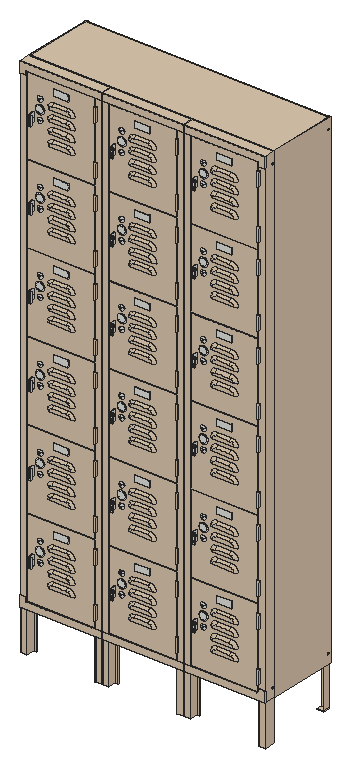
Revit family "Metal_Lockers-Salsbury_Industries-65000_66000_Series-3_Wide_Units", category Specialty Equipment, Revit 2022
Family settings
  Round Connector Dimension = Use Diameter
  Part Type = Normal
  OmniClass Number = 23.40.00.00
  OmniClass Title = Equipment and Furnishings
  Work Plane-Based = No
  Always vertical = Yes
  Cut with Voids When Loaded = No
  Maintain Annotation Orientation = No
  Shared = No
  Room Calculation Point = No
Parameters (values of type "66362 - with Standard 6" High Legs")
  Zee Base Corner - Right Side [instance] = Metal Locker Zee Base Corner : None
  Zee Base Corner - Left Side [instance] = Metal Locker Zee Base Corner : None
  Zee Base - Right Side [instance] = Metal Locker Zee Base-Right Side : None
  Zee Base - Left Side [instance] = Metal Locker Zee Base-Left Side : None
  Zee Base = Metal Locker Zee Base - 3 Wide : None
  Width = 36.040"
  Version = "2.0 (06/30/17)"
  Unit Height including Sloping Hood Only [instance] = 78.625"
  Unit Height = 72.000"
  URL = "www.lockers.com"
  Type Comments = "Standard Metal Lockers - Six Tier"
  Total Door(s) Height [instance] = 69.81949"
  Top Row of Doors = yes
  Top Compartment Divider = yes
  Test Data = "https://www.lockers.com/videolibrary/"
  Specification = "https://www.lockers.com/architect-resources//"
  Sloping Top In-Line Filler - Right Side [instance] = Metal Locker Sloping Top Filler : None
  Sloping Top In-Line Filler - Left Side [instance] = Metal Locker Sloping Top Filler : None
  Sloping Top Corner Filler - Right Side [instance] = Metal Locker Sloping Corner Filler : None
  Sloping Top Corner Filler - Left Side [instance] = Metal Locker Sloping Corner Filler : None
  Sloping Hood Height = if(Depth = 12.010", 6.625", if(Depth = 15.010", 8.682", if(Depth = 18.010", 10.739", 0.000")))  # 6.625"
  Sloping Hood = Metal Locker Sloping Hood : None
  Sales Information = "https://www.lockers.com/request_a_quote/"
  Revision = "R1_2018-10"
  Product Data = "https://www.lockers.com/downloads__catalog/"
  Manufacturer Website = "https://www.lockers.com/"
  Manufacturer Phone - Toll Free = "1-800-562-5377"
  Manufacturer Phone = "(323) 846-6700"
  Manufacturer Fax = "1-800-562-5399"
  Manufacturer Address = "1010 East 62nd Street, Los Angeles, CA 90001-1598"
  Keynote = "10 51 00"
  Installation-Fabrication = "https://www.lockers.com/downloads__installation_instructions/"
  Green Building-LEED = "https://www.arcat.com/green/green_building.shtml"
  Drawn By = ""
  Default Elevation = 0.000"
  Copyright = ""
  Construction Details = "https://www.lockers.com/downloads__catalog/"
  Compartment Divider Height = Individual Door Height - 0.375"  # 11.157"
  Right Side Base [instance] = Metal Locker Right Side Base : None
  Primary Structure Material [instance] = Paint - Salsbury Finish - Tan
  Overall Width including Rivets [instance] = 36.120"
  Unit Height including Base Only [instance] = 78.000"
  Overall Unit Height (including Base and Sloping Hood) [instance] = 84.625"
  OmniClass 23 Title = "Equipment and Furnishings"
  OmniClass 23 Number = "23.40.00.00"
  Model = "66362"
  MasterFormat Title = "Lockers"
  MasterFormat Number = "10 51 13"
  Manufacturer = "Salsbury Industries"
  Left Side Base [instance] = Metal Locker Left Side Base : None
  Individual Door Height = 11.532"
  Hasp Plate Rivet Material = Steel -Salsbury Finish - Polished Steel
  Hasp Handle Material = Plastic - Salsbury Finish - Black
  Front Vertical Filler - Right [instance] = Metal Locker Front Filler : None
  Front Vertical Filler - Left [instance] = Metal Locker Front Filler : None
  Front Base [instance] = Metal Locker Front Base : None
  Flat Top In-Line Filler - Right Side [instance] = Metal Locker Flat Top Filler : None
  Flat Top In-Line Filler - Left Side [instance] = Metal Locker Flat Top Filler : None
  Flat Top Corner Filler - Right Side [instance] = Metal Locker Flat Corner Filler : None
  Flat Top Corner Filler - Left Side [instance] = Metal Locker Flat Corner Filler : None
  Individual Door Width [instance] = 33.90055"
  End Panel - Right Side [instance] = Metal Locker End Panel : None
  End Panel - Left Side [instance] = Metal Locker End Panel : None
  Door Location D1 = Metal Locker Doors-12 inch with Latch Hasps : Six Tier Door - 6 foot
  Description = "3 Wide - 6 Feet High - 12 Inches Deep"
  Depth = 12.010"
  Category = ""
  Building Codes = "https://www.lockers.com/downloads__forms_and_information/"
  Base Height = 6.000"
  Standard Leg Base = Metal Locker Legs - 3 Wide : 6" High - 36" W x 12" D
  Assembly Code = "C1030310"
Reference planes (in)
  plane 1 "Center (Front/Back)": y = 0
  plane 2: z = 0
  plane 3 "Center (Left/Right)": x = 0
  plane 4 "Floor": z = 0
  plane 5 "Bottom of Unit": z = 6
  plane 6 "Top of Unit": z = 78
  plane 7 "Left Side of Unit": x = -18.02
  plane 8 "Right Side of Unit": x = 18.02
  plane 9 "Back of Unit": y = 6.005
  plane 10 "Front of Unit": y = -6.005
  plane 11 "Top of Sloping Hood": z = 84.625
  plane 12 "Left Rivet": x = -18.06
  plane 13 "Right Rivet": x = 18.06
  plane 14 "Right Side of Door Opening": x = 17.02
  plane 15 "Left Side of Door Opening": x = -17.02
  plane 16 "Top of Door Opening": z = 77
  plane 17 "Bottom of Door Opening": z = 7
  plane 18 "Back Edge of Front Facing": y = -4.417
  plane 19 "Front Plate Plane": y = -6.065
  plane 20 "Horizontal Center of Top Rivets": z = 76.5
  plane 21 "Horiz Center of Bottom Rivets": z = 7.5
  plane 22 "Vertical Center of Back Rivets": y = 5.505
  plane 23 "Vertical Center of Front Rivets": y = -4.755
  plane 24 "Right Align Top Filler Overlap": x = 17.435
  plane 25 "Left Align Top Filler Overlap": x = -17.435
  plane 26 "Corner Filler Align-Left": x = -18.08
  plane 27 "Corner Filler Align-Right": x = 18.08
  plane 28 "Right Side of Door": x = 16.95026
  plane 29 "Top of Door 1": z = 76.90976
  plane 30 "Bottom of Bottom Door": z = 7.09027
  plane 31 "Zee Base Offset": x = -17.669
  plane 32: x = 17.669
  plane 33 "Compartment Align 3": z = 19.157
  plane 34: x = -17.96
  plane 35: x = 17.96
  plane 36: x = -17.635
  plane 37: x = 17.635
  plane 38: y = 5.945
  plane 39: y = 5.895
  plane 40: y = 5.145
  plane 41: x = -17.9
  plane 42: x = 17.9
  plane 43: x = -17.095
  plane 44: x = 17.095
  plane 45: z = 77.94
  plane 46: z = 19.097
  plane 47: z = 18.157
  plane 48: z = 6.9204
  plane 49: z = 6.18539
  plane 50: z = 76.40796
  plane 51: z = 7.59204
  plane 52 "Right Side of Center Unit": x = 6.00667
  plane 53 "Left Side of Center Unit": x = -6.00667
  plane 54: x = 6.98167
  plane 55 "Left Side of Door Opening-Right Door": x = 7.00667
  plane 56: x = 5.03167
  plane 57 "Right Side of Door Opening-Center Door": x = 5.00667
  plane 58 "Right Side of Door - Center Door": x = 4.93667
  plane 59: x = -5.03167
  plane 60 "Left Side of Door Opening - Center Door": x = -5.00667
  plane 61: x = -6.98167
  plane 62 "Right Side of Door Opening - Left Door": x = -7.00667
  plane 63 "Right Side of Door - Left Door": x = -7.07667
  plane 64: z = 18.157
  plane 65 "Top of Door Row 3": z = 18.62227
  plane 66 "Bottom of Door Row 2": z = 18.74776
  plane 67 "Top of Door Row 2": z = 30.27976
  plane 68: z = 30.40676
  plane 69 "Compartment Align 2": z = 30.77927
  plane 70: z = 30.71927
  plane 71: z = 29.77927
  plane 72: z = 53.22076
  plane 73: z = 41.93876
  plane 74: z = 42.06376
  plane 75: z = 41.43676
  plane 76: z = 42.37676
  plane 77 "Compartment Align 1": z = 42.43676
  plane 78: z = 70.70625
  plane 79: z = 53.59576
  plane 80: z = 53.72076
  plane 81: z = 65.25276
  plane 82: z = 65.37776
  plane 83: z = 53.09576
  plane 84: z = 54.03576
  plane 85: z = 54.09576
  plane 86: z = 64.75276
  plane 87: z = 65.69276
  plane 88: z = 65.75276
  plane 89: z = 82.36525
  plane 90: z = 94.02225
Forms (in)
  Sweep 1, solid, material "Paint - Salsbury Finish - Tan" <- "Primary Structure Material"
    path origin (0, -6.005, 0) x (1, 0, 0) y (0, 0, 1)
      loop
        line (6.00667, 78) -> (6.00667, 6) -> (18.02, 6) -> (18.02, 78) -> (6.00667, 78)
    profile origin (12.01333, -6.005, 78) x (0, 0, 1) y (0, -1, 0)
      loop
        line (0, 0) -> (-1, 0) -> (-1, -1.588) -> (0, -1.588) -> (0, 0)
  Extrusion 2, solid, material "Paint - Salsbury Finish - Tan" <- "Primary Structure Material"
    sketch origin (0, 0, 6) x (0, -1, 0) y (1, 0, 0)
      loop
        line (4.417, 18.02) -> (-6.005, 18.02) -> (-6.005, 17.635) -> (-5.945, 17.635) -> (-5.945, 17.96) -> (4.417, 17.96) -> (4.417, 18.02)
    from 0 to 72
  Extrusion 3, solid, material "Paint - Salsbury Finish - Tan" <- "Primary Structure Material"
    sketch origin (0, 0, 6) x (0, -1, 0) y (1, 0, 0)
      loop
        line (4.417, -18.02) -> (4.417, -17.96) -> (-5.945, -17.96) -> (-5.945, -17.635) -> (-6.005, -17.635) -> (-6.005, -18.02) -> (4.417, -18.02)
    from 0 to 72
  Extrusion 4, solid, material "Paint - Salsbury Finish - Tan" <- "Primary Structure Material"
    sketch origin (0, 0, 6) x (0, -1, 0) y (1, 0, 0)
      loop
        line (-5.945, -17.96) -> (-5.145, -17.96) -> (-5.145, -17.9) -> (-5.895, -17.9) -> (-5.895, 17.9) -> (-5.145, 17.9) -> (-5.145, 17.96) -> (-5.945, 17.96) -> (-5.945, -17.96)
    from 0 to 72
  Sweep 5, solid, material "Paint - Salsbury Finish - Tan" <- "Primary Structure Material"
    path origin (0, 0, 7) x (0, -1, 0) y (1, 0, 0)
      loop
        line (4.417, -17.96) -> (4.417, 17.96) -> (-5.145, 17.96) -> (-5.145, 17.9) -> (-5.895, 17.9) -> (-5.895, -17.9) -> (-5.145, -17.9) -> (-5.145, -17.96) -> (4.417, -17.96)
    profile origin (-17.96, 0.364, 7) x (-1, 0, 0) y (0, 0, 1)
      loop
        line (0, -0.81461) -> (0, -0.0796) -> (-0.06, -0.0796) -> (-0.06, -0.81461) -> (0, -0.81461)
  Extrusion 6, solid, material "Paint - Salsbury Finish - Tan" <- "Primary Structure Material"
    sketch origin (0, 0, 7) x (0, -1, 0) y (1, 0, 0)
      loop
        line (-5.895, -17.9) -> (-5.145, -17.9) -> (-5.145, -17.96) -> (4.417, -17.96) -> (4.417, 17.96) -> (-5.145, 17.96) -> (-5.145, 17.9) -> (-5.895, 17.9) -> (-5.895, -17.9)
    from -0.0796 to 0
  Extrusion 7, solid, material "Paint - Salsbury Finish - Tan" <- "Primary Structure Material"
    sketch origin (0, 0, 78) x (0, -1, 0) y (1, 0, 0)
      loop
        line (-5.895, -17.9) -> (-5.145, -17.9) -> (-5.145, -17.96) -> (4.417, -17.96) -> (4.417, 17.96) -> (-5.145, 17.96) -> (-5.145, 17.9) -> (-5.895, 17.9) -> (-5.895, -17.9)
    from -0.06 to 0
  Extrusion 8, solid, material "Paint - Salsbury Finish - Tan" <- "Primary Structure Material"
    sketch origin (0, -6.065, 0) x (0, 0, -1) y (1, 0, 0)
      loop
        line (-78, -18.02) -> (-76.47656, -18.02)
        arc (-76.47656, -18.02) -> (-76.42806, -17.99991) -> (-76.40796, -17.9514) r 0.0686
        line (-76.40796, -17.9514) -> (-76.40796, -17.16351)
        arc (-76.40796, -17.16351) -> (-76.42809, -17.11506) -> (-76.47656, -17.095) r 0.0686
        line (-76.47656, -17.095) -> (-77, -17.095) -> (-77, 17.095) -> (-76.47656, 17.095)
        arc (-76.47656, 17.095) -> (-76.42809, 17.11506) -> (-76.40796, 17.16351) r 0.0686
        line (-76.40796, 17.16351) -> (-76.40796, 17.9514)
        arc (-76.40796, 17.9514) -> (-76.42806, 17.99991) -> (-76.47656, 18.02) r 0.0686
        line (-76.47656, 18.02) -> (-78, 18.02) -> (-78, -18.02)
    from -0.06 to 0
  Extrusion 9, solid, material "Paint - Salsbury Finish - Tan" <- "Primary Structure Material"
    sketch origin (0, -6.065, 84) x (0, 0, 1) y (-1, 0, 0)
      loop
        line (-78, 18.02) -> (-78, -18.02) -> (-76.47656, -18.02)
        arc (-76.47656, -18.02) -> (-76.42806, -17.99991) -> (-76.40796, -17.9514) r 0.0686
        line (-76.40796, -17.9514) -> (-76.40796, -17.16351)
        arc (-76.40796, -17.16351) -> (-76.42809, -17.11506) -> (-76.47656, -17.095) r 0.0686
        line (-76.47656, -17.095) -> (-77, -17.095) -> (-77, 17.095) -> (-76.47656, 17.095)
        arc (-76.47656, 17.095) -> (-76.42809, 17.11506) -> (-76.40796, 17.16351) r 0.0686
        line (-76.40796, 17.16351) -> (-76.40796, 17.9514)
        arc (-76.40796, 17.9514) -> (-76.42806, 17.99991) -> (-76.47656, 18.02) r 0.0686
        line (-76.47656, 18.02) -> (-78, 18.02)
    from -0.06 to 0
  Blend 10, solid, material "Steel -Salsbury Finish - Polished Steel" <- "Hasp Plate Rivet Material"
    base sketch origin (18.02, 0, 0) x (0, 0, -1) y (0, -1, 0)
      loop
        circle (-76.5, 4.755) r 0.187
    top sketch origin (18.02, 0, 0) x (0, 0, -1) y (0, -1, 0)
      loop
        circle (-76.5, 4.755) r 0.05319
    from 0 to -0.04
  Blend 11, solid, material "Steel -Salsbury Finish - Polished Steel" <- "Hasp Plate Rivet Material"
    base sketch origin (18.02, 0, -69) x (0, 0, -1) y (0, -1, 0)
      loop
        circle (-76.5, 4.755) r 0.187
    top sketch origin (18.02, 0, -69) x (0, 0, -1) y (0, -1, 0)
      loop
        circle (-76.5, 4.755) r 0.05319
    from 0 to -0.04
  Blend 12, solid, material "Steel -Salsbury Finish - Polished Steel" <- "Hasp Plate Rivet Material"
    base sketch origin (18.02, 10.26, -69) x (0, 0, -1) y (0, -1, 0)
      loop
        circle (-76.5, 4.755) r 0.187
    top sketch origin (18.02, 10.26, -69) x (0, 0, -1) y (0, -1, 0)
      loop
        circle (-76.5, 4.755) r 0.05319
    from 0 to -0.04
  Blend 13, solid, material "Steel -Salsbury Finish - Polished Steel" <- "Hasp Plate Rivet Material"
    base sketch origin (18.02, 10.26, 0.0043) x (0, 0, -1) y (0, -1, 0)
      loop
        circle (-76.5, 4.755) r 0.187
    top sketch origin (18.02, 10.26, 0.0043) x (0, 0, -1) y (0, -1, 0)
      loop
        circle (-76.5, 4.755) r 0.05319
    from 0 to -0.04
  Blend 14, solid, material "Steel -Salsbury Finish - Polished Steel" <- "Hasp Plate Rivet Material"
    base sketch origin (-6.02, 0, -69) x (0, 0, -1) y (0, 1, 0)
      loop
        circle (-76.5, -4.755) r 0.187
    top sketch origin (-6.02, 0, -69) x (0, 0, -1) y (0, 1, 0)
      loop
        circle (-76.5, -4.755) r 0.05319
    from -12 to -12.04
  Blend 15, solid, material "Steel -Salsbury Finish - Polished Steel" <- "Hasp Plate Rivet Material"
    base sketch origin (-6.02, 10.26, -69) x (0, 0, -1) y (0, 1, 0)
      loop
        circle (-76.5, -4.755) r 0.187
    top sketch origin (-6.02, 10.26, -69) x (0, 0, -1) y (0, 1, 0)
      loop
        circle (-76.5, -4.755) r 0.05319
    from -12 to -12.04
  Blend 16, solid, material "Steel -Salsbury Finish - Polished Steel" <- "Hasp Plate Rivet Material"
    base sketch origin (-6.02, 0, 0) x (0, 0, -1) y (0, 1, 0)
      loop
        circle (-76.5, -4.755) r 0.187
    top sketch origin (-6.02, 0, 0) x (0, 0, -1) y (0, 1, 0)
      loop
        circle (-76.5, -4.755) r 0.05319
    from -12 to -12.04
  Blend 17, solid, material "Steel -Salsbury Finish - Polished Steel" <- "Hasp Plate Rivet Material"
    base sketch origin (-6.02, 10.26, 0.00039) x (0, 0, -1) y (0, 1, 0)
      loop
        circle (-76.5, -4.755) r 0.187
    top sketch origin (-6.02, 10.26, 0.00039) x (0, 0, -1) y (0, 1, 0)
      loop
        circle (-76.5, -4.755) r 0.05319
    from -12 to -12.04
  Extrusion 18, solid, material "Paint - Salsbury Finish - Tan" <- "Primary Structure Material"
    sketch origin (0, 0, 19.157) x (0, -1, 0) y (1, 0, 0)
      loop
        line (-5.945, -17.9) -> (-5.145, -17.9) -> (-5.145, -17.96) -> (4.417, -17.96) -> (4.417, 17.96) -> (-5.145, 17.96) -> (-5.145, 17.9) -> (-5.945, 17.9) -> (-5.945, -17.9)
    from -0.06 to 0
  Sweep 19, solid, material "Paint - Salsbury Finish - Tan" <- "Primary Structure Material"
    path origin (0, 0, 19.157) x (0, -1, 0) y (1, 0, 0)
      loop
        line (4.417, -17.96) -> (4.417, 17.96) -> (-5.145, 17.96) -> (-5.145, 17.9) -> (-5.945, 17.9) -> (-5.945, -17.9) -> (-5.145, -17.9) -> (-5.145, -17.96) -> (4.417, -17.96)
    profile origin (-17.96, 0.364, 19.157) x (-1, 0, 0) y (0, 0, 1)
      loop
        line (0, -1) -> (0, -0.06) -> (-0.06, -0.06) -> (-0.06, -1) -> (0, -1)
  Sweep 20, solid, material "Paint - Salsbury Finish - Tan" <- "Primary Structure Material"
    path origin (-12.01333, -6.005, 0) x (1, 0, 0) y (0, 0, 1)
      loop
        line (6.00667, 78) -> (6.00667, 6) -> (18.02, 6) -> (18.02, 78) -> (6.00667, 78)
    profile origin (0, -6.005, 78) x (0, 0, 1) y (0, -1, 0)
      loop
        line (0, 0) -> (-1, 0) -> (-1, -1.588) -> (0, -1.588) -> (0, 0)
  Sweep 21, solid, material "Paint - Salsbury Finish - Tan" <- "Primary Structure Material"
    path origin (-24.02667, -6.005, 0) x (1, 0, 0) y (0, 0, 1)
      loop
        line (6.00667, 78) -> (6.00667, 6) -> (18.02, 6) -> (18.02, 78) -> (6.00667, 78)
    profile origin (-12.01333, -6.005, 78) x (0, 0, 1) y (0, -1, 0)
      loop
        line (0, 0) -> (-1, 0) -> (-1, -1.588) -> (0, -1.588) -> (0, 0)
  Extrusion 22, solid, material "Paint - Salsbury Finish - Tan" <- "Primary Structure Material"
    sketch origin (0, 0, 30.77927) x (0, -1, 0) y (1, 0, 0)
      loop
        line (-5.945, -17.9) -> (-5.145, -17.9) -> (-5.145, -17.96) -> (4.417, -17.96) -> (4.417, 17.96) -> (-5.145, 17.96) -> (-5.145, 17.9) -> (-5.945, 17.9) -> (-5.945, -17.9)
    from -0.06 to 0
  Sweep 23, solid, material "Paint - Salsbury Finish - Tan" <- "Primary Structure Material"
    path origin (0, 0, 30.77927) x (0, -1, 0) y (1, 0, 0)
      loop
        line (4.417, -17.96) -> (4.417, 17.96) -> (-5.145, 17.96) -> (-5.145, 17.9) -> (-5.945, 17.9) -> (-5.945, -17.9) -> (-5.145, -17.9) -> (-5.145, -17.96) -> (4.417, -17.96)
    profile origin (-17.96, 0.364, 30.77927) x (-1, 0, 0) y (0, 0, 1)
      loop
        line (0, -1) -> (0, -0.06) -> (-0.06, -0.06) -> (-0.06, -1) -> (0, -1)
  Extrusion 24, solid, material "Paint - Salsbury Finish - Tan" <- "Primary Structure Material"
    sketch origin (0, 0, 42.43676) x (0, -1, 0) y (1, 0, 0)
      loop
        line (-5.945, -17.9) -> (-5.145, -17.9) -> (-5.145, -17.96) -> (4.417, -17.96) -> (4.417, 17.96) -> (-5.145, 17.96) -> (-5.145, 17.9) -> (-5.945, 17.9) -> (-5.945, -17.9)
    from -0.06 to 0
  Sweep 25, solid, material "Paint - Salsbury Finish - Tan" <- "Primary Structure Material"
    path origin (0, 0, 42.43676) x (0, -1, 0) y (1, 0, 0)
      loop
        line (4.417, -17.96) -> (4.417, 17.96) -> (-5.145, 17.96) -> (-5.145, 17.9) -> (-5.945, 17.9) -> (-5.945, -17.9) -> (-5.145, -17.9) -> (-5.145, -17.96) -> (4.417, -17.96)
    profile origin (-17.96, 0.364, 42.43676) x (-1, 0, 0) y (0, 0, 1)
      loop
        line (0, -1) -> (0, -0.06) -> (-0.06, -0.06) -> (-0.06, -1) -> (0, -1)
  Extrusion 26, solid, material "Paint - Salsbury Finish - Tan" <- "Primary Structure Material"
    sketch origin (0, 0, 54.09576) x (0, -1, 0) y (1, 0, 0)
      loop
        line (-5.945, -17.9) -> (-5.145, -17.9) -> (-5.145, -17.96) -> (4.417, -17.96) -> (4.417, 17.96) -> (-5.145, 17.96) -> (-5.145, 17.9) -> (-5.945, 17.9) -> (-5.945, -17.9)
    from -0.06 to 0
  Sweep 27, solid, material "Paint - Salsbury Finish - Tan" <- "Primary Structure Material"
    path origin (0, 0, 54.09576) x (0, -1, 0) y (1, 0, 0)
      loop
        line (4.417, -17.96) -> (4.417, 17.96) -> (-5.145, 17.96) -> (-5.145, 17.9) -> (-5.945, 17.9) -> (-5.945, -17.9) -> (-5.145, -17.9) -> (-5.145, -17.96) -> (4.417, -17.96)
    profile origin (-17.96, 0.364, 54.09576) x (-1, 0, 0) y (0, 0, 1)
      loop
        line (0, -1) -> (0, -0.06) -> (-0.06, -0.06) -> (-0.06, -1) -> (0, -1)
  Extrusion 28, solid, material "Paint - Salsbury Finish - Tan" <- "Primary Structure Material", visible <- "Top Compartment Divider"
    sketch origin (0, 0, 65.75276) x (0, -1, 0) y (1, 0, 0)
      loop
        line (-5.945, -17.9) -> (-5.145, -17.9) -> (-5.145, -17.96) -> (4.417, -17.96) -> (4.417, 17.96) -> (-5.145, 17.96) -> (-5.145, 17.9) -> (-5.945, 17.9) -> (-5.945, -17.9)
    from -0.06 to 0
  Sweep 29, solid, material "Paint - Salsbury Finish - Tan" <- "Primary Structure Material", visible <- "Top Compartment Divider"
    path origin (0, 0, 65.75276) x (0, -1, 0) y (1, 0, 0)
      loop
        line (4.417, -17.96) -> (4.417, 17.96) -> (-5.145, 17.96) -> (-5.145, 17.9) -> (-5.945, 17.9) -> (-5.945, -17.9) -> (-5.145, -17.9) -> (-5.145, -17.96) -> (4.417, -17.96)
    profile origin (-17.96, 0.364, 65.75276) x (-1, 0, 0) y (0, 0, 1)
      loop
        line (0, -1) -> (0, -0.06) -> (-0.06, -0.06) -> (-0.06, -1) -> (0, -1)
Lines and regions (in)
  reference lines
    curve 1: line (-41.59242, -6.065, 78) -> (48.15758, -6.065, 78)
  symbolic lines
    curve 2: line (-18.02, 6.005, 78) -> (18.02, 6.005, 78)
    curve 3: line (-18.02, -6.065, 78) -> (-18.02, 6.005, 78)
    curve 4: line (18.02, -6.065, 78) -> (-18.02, -6.065, 78)
    curve 5: line (18.02, 6.005, 78) -> (18.02, -6.065, 78)
    curve 6: line (-18.06, -4.80819, 78) -> (-18.02, -4.91809, 78)
    curve 7: line (-18.02, -4.58043, 78) -> (-18.06, -4.70181, 78)
    curve 8: line (-18.06, -4.80819, 78) -> (-18.06, -4.70181, 78)
    curve 9: line (-18.06, 5.45181, 78) -> (-18.02, 5.31077, 78)
    curve 10: line (-18.06, 5.55819, 78) -> (-18.02, 5.68474, 78)
    curve 11: line (-18.06, 5.55819, 78) -> (-18.06, 5.45181, 78)
    curve 12: line (18.06, 5.55819, 78) -> (18.02, 5.70747, 78)
    curve 13: line (18.06, 5.45181, 78) -> (18.02, 5.3179, 78)
    curve 14: line (18.06, 5.55819, 78) -> (18.06, 5.45181, 78)
    curve 15: line (18.06, -4.70181, 78) -> (18.02, -4.57098, 78)
    curve 16: line (18.06, -4.80819, 78) -> (18.02, -4.94769, 78)
    curve 17: line (18.06, -4.70181, 78) -> (18.06, -4.80819, 78)
  model lines
    curve 18: line (6.00667, 6.005, 6) -> (6.00667, 6.005, 78)
    curve 19: line (-6.00667, 6.005, 6) -> (-6.00667, 6.005, 78)
    curve 20: line (-6.00667, 5.945, 78) -> (-6.00667, -6.065, 78)
    curve 21: line (6.00667, 5.945, 78) -> (6.00667, -6.065, 78)
Dimensions and locks (in)
  equal spacing: plane 7 "Left Side of Unit", plane 53 "Left Side of Center Unit", plane 52 "Right Side of Center Unit", plane 8 "Right Side of Unit"
  "Width": plane 7 "Left Side of Unit" to plane 8 "Right Side of Unit"
  "Base Height": plane 5 "Bottom of Unit" to plane 4 "Floor"
  "Unit Height": plane 6 "Top of Unit" to plane 5 "Bottom of Unit"
  "Unit Height including Base Only": plane 6 "Top of Unit" to plane 4 "Floor"
  equal spacing: plane 10 "Front of Unit", plane 1 "Center (Front/Back)", plane 9 "Back of Unit"
  "Depth": plane 10 "Front of Unit" to plane 9 "Back of Unit"
  "Sloping Hood Height": plane 11 "Top of Sloping Hood" to plane 6 "Top of Unit"
  "Overall Unit Height (including Base and Sloping Hood)": plane 11 "Top of Sloping Hood" to plane 4 "Floor"
  locked: plane 12 "Left Rivet" to plane 7 "Left Side of Unit" at 0.04
  locked: plane 8 "Right Side of Unit" to plane 13 "Right Rivet" at 0.04
  "Overall Width including Rivets": plane 12 "Left Rivet" to plane 13 "Right Rivet"
  plane 6 "Top of Unit" to plane 16 "Top of Door Opening" to plane 29 "Top of Door 1" to plane 50 = 1.000" locked, 0.09024", 0.5018"
  plane 51 to plane 30 "Bottom of Bottom Door" to plane 17 "Bottom of Door Opening" to plane 5 "Bottom of Unit" = 0.50177", 0.09027", 1.000" locked
  locked: plane 7 "Left Side of Unit" to plane 15 "Left Side of Door Opening" at 1
  plane 28 "Right Side of Door" to plane 14 "Right Side of Door Opening" to plane 8 "Right Side of Unit" = 0.06974", 1.000" locked
  plane 19 "Front Plate Plane" to plane 10 "Front of Unit" to plane 18 "Back Edge of Front Facing" = 0.060" locked, 1.588" locked
  "Unit Height including Sloping Hood Only": plane 11 "Top of Sloping Hood" to plane 5 "Bottom of Unit"
  locked: plane 20 "Horizontal Center of Top Rivets" to plane 6 "Top of Unit" at 1.5
  locked: plane 5 "Bottom of Unit" to plane 21 "Horiz Center of Bottom Rivets" at 1.5
  locked: plane 22 "Vertical Center of Back Rivets" to plane 9 "Back of Unit" at 0.5
  locked: plane 10 "Front of Unit" to plane 23 "Vertical Center of Front Rivets" at 1.25
  locked: plane 24 "Right Align Top Filler Overlap" to plane 13 "Right Rivet" at 0.625
  locked: plane 12 "Left Rivet" to plane 25 "Left Align Top Filler Overlap" at 0.625
  locked: plane 8 "Right Side of Unit" to plane 27 "Corner Filler Align-Right" at 0.06
  locked: plane 26 "Corner Filler Align-Left" to plane 7 "Left Side of Unit" at 0.06
  "Total Door(s) Height": plane 29 "Top of Door 1" to plane 30 "Bottom of Bottom Door"
  plane 7 "Left Side of Unit" to plane 31 "Zee Base Offset" = 0.351"
  plane 32 to plane 8 "Right Side of Unit" = 0.351"
  plane 33 "Compartment Align 3" to plane 46 to plane 64 = 0.060" locked, 0.940" locked
  plane 7 "Left Side of Unit" to plane 34 to plane 41 to plane 36 = 0.060" locked, 0.060" locked, 0.265" locked
  plane 37 to plane 42 to plane 35 to plane 8 "Right Side of Unit" = 0.265" locked, 0.060", 0.060"
  plane 40 to plane 39 to plane 38 to plane 9 "Back of Unit" = 0.750" locked, 0.050", 0.060"
  locked: plane 7 "Left Side of Unit" to plane 43 at 0.925
  locked: plane 44 to plane 8 "Right Side of Unit" at 0.925
  locked: plane 6 "Top of Unit" to plane 45 at 0.06
  plane 46 to plane 47 = 0.940"
  locked: plane 17 "Bottom of Door Opening" to plane 48 at 0.0796
  plane 48 to plane 49 = 0.73501"
  plane 58 "Right Side of Door - Center Door" to plane 57 "Right Side of Door Opening-Center Door" to plane 56 to plane 52 "Right Side of Center Unit" to plane 54 to plane 55 "Left Side of Door Opening-Right Door" = 0.070", 0.025", 0.975", 0.975", 0.025"
  plane 63 "Right Side of Door - Left Door" to plane 62 "Right Side of Door Opening - Left Door" to plane 61 to plane 53 "Left Side of Center Unit" to plane 59 to plane 60 "Left Side of Door Opening - Center Door" = 0.070", 0.025", 0.975", 0.975", 0.025"
  "Individual Door Height": plane 65 "Top of Door Row 3" to plane 30 "Bottom of Bottom Door"
  "Compartment Divider Height": plane 64 to plane 17 "Bottom of Door Opening"
  locked: plane 66 "Bottom of Door Row 2" to plane 65 "Top of Door Row 3" at 0.12549
  "Individual Door Height": plane 67 "Top of Door Row 2" to plane 66 "Bottom of Door Row 2"
  locked: plane 68 to plane 67 "Top of Door Row 2" at 0.127
  plane 69 "Compartment Align 2" to plane 70 to plane 71 = 0.060" locked, 0.940" locked
  "Compartment Divider Height": plane 71 to plane 65 "Top of Door Row 3"
  "Individual Door Height": plane 73 to plane 68
  locked: plane 74 to plane 73 at 0.125
  "Compartment Divider Height": plane 75 to plane 67 "Top of Door Row 2"
  plane 77 "Compartment Align 1" to plane 76 to plane 75 = 0.060" locked, 0.940" locked
  locked: plane 80 to plane 79 at 0.125
  locked: plane 82 to plane 81 at 0.125
  "Individual Door Height": plane 79 to plane 74
  "Individual Door Height": plane 81 to plane 80
  "Compartment Divider Height": plane 83 to plane 73
  "Compartment Divider Height": plane 86 to plane 79
  plane 85 to plane 84 to plane 83 = 0.060" locked, 0.940" locked
  plane 88 to plane 87 to plane 86 = 0.060" locked, 0.940" locked
  aligned and locked: level to plane 2
  aligned and locked: Extrusion 2 to plane 6 "Top of Unit"
  aligned and locked: Extrusion 3 to plane 6 "Top of Unit"
  aligned and locked: Extrusion 4 to plane 6 "Top of Unit"
  aligned and locked: Extrusion 8 to plane 10 "Front of Unit"
  aligned and locked: Extrusion 9 to plane 10 "Front of Unit"
  aligned and locked: Extrusion 6 to plane 17 "Bottom of Door Opening"
  aligned and locked: plane 4 "Floor" to nested 2
  aligned and locked: plane 5 "Bottom of Unit" to Extrusion 9
  aligned and locked: plane 8 "Right Side of Unit" to nested 6
  aligned and locked: plane 7 "Left Side of Unit" to nested 7
  aligned and locked: Blend 10 to plane 13 "Right Rivet"
  aligned and locked: plane 8 "Right Side of Unit" to Blend 10
  aligned and locked: Blend 15 to plane 7 "Left Side of Unit"
  aligned and locked: Blend 14 to plane 7 "Left Side of Unit"  (x2)
  aligned and locked: plane 12 "Left Rivet" to Blend 14
  aligned and locked: plane 12 "Left Rivet" to Blend 15
  aligned and locked: Blend 14 to plane 12 "Left Rivet"
  aligned and locked: Blend 17 to plane 7 "Left Side of Unit"
  aligned and locked: plane 12 "Left Rivet" to Blend 17
  aligned and locked: Blend 16 to plane 7 "Left Side of Unit"
  aligned and locked: plane 12 "Left Rivet" to Blend 16
  aligned and locked: plane 5 "Bottom of Unit" to nested 10
  aligned and locked: plane 13 "Right Rivet" to nested 10
  aligned and locked: plane 12 "Left Rivet" to nested 11
  aligned and locked: nested 11 to plane 10 "Front of Unit"
  aligned and locked: plane 13 "Right Rivet" to nested 12
  aligned and locked: plane 10 "Front of Unit" to nested 12
  aligned and locked: plane 6 "Top of Unit" to nested 12
  aligned and locked: plane 12 "Left Rivet" to nested 13
  aligned and locked: plane 10 "Front of Unit" to nested 13
  aligned and locked: plane 6 "Top of Unit" to nested 13
  aligned and locked: plane 6 "Top of Unit" to nested 14
  aligned and locked: nested 14 to plane 19 "Front Plate Plane"
  aligned and locked: nested 14 to plane 24 "Right Align Top Filler Overlap"
  aligned and locked: nested 15 to plane 25 "Left Align Top Filler Overlap"
  aligned and locked: nested 15 to plane 19 "Front Plate Plane"
  aligned and locked: nested 10 to nested 15
  aligned and locked: plane 19 "Front Plate Plane" to nested 16
  aligned and locked: plane 6 "Top of Unit" to nested 16
  aligned and locked: nested 17 to plane 6 "Top of Unit"
  aligned and locked: nested 17 to plane 19 "Front Plate Plane"
  aligned and locked: nested 18 to plane 24 "Right Align Top Filler Overlap"
  aligned and locked: nested 18 to plane 19 "Front Plate Plane"
  aligned and locked: plane 16 "Top of Door Opening" to nested 18
  aligned and locked: nested 19 to plane 16 "Top of Door Opening"
  aligned and locked: nested 19 to plane 25 "Left Align Top Filler Overlap"
  aligned and locked: nested 19 to plane 19 "Front Plate Plane"
  aligned and locked: nested 11 to plane 6 "Top of Unit"
  aligned and locked: plane 10 "Front of Unit" to nested 10
  aligned and locked: plane 10 "Front of Unit" to nested 22
  aligned and locked: plane 10 "Front of Unit" to nested 1
  aligned and locked: plane 10 "Front of Unit" to nested 2
  aligned and locked: plane 7 "Left Side of Unit" to nested 17
  aligned and locked: plane 31 "Zee Base Offset" to nested 9
  aligned and locked: plane 18 "Back Edge of Front Facing" to nested 9
  aligned and locked: nested 8 to plane 18 "Back Edge of Front Facing"
  aligned and locked: plane 32 to nested 8
  aligned and locked: nested 21 to curve 1
  aligned and locked: nested 20 to curve 1
  aligned and locked: Sweep 19 sketch curve to Extrusion 18
  aligned and locked: plane 7 "Left Side of Unit" to Extrusion 3
  aligned and locked: Extrusion 3 to plane 9 "Back of Unit"
  aligned and locked: Extrusion 2 to plane 8 "Right Side of Unit"
  aligned and locked: Extrusion 2 to plane 9 "Back of Unit"
  aligned and locked: plane 18 "Back Edge of Front Facing" to Extrusion 3
  aligned and locked: plane 18 "Back Edge of Front Facing" to Extrusion 2
  aligned and locked: plane 34 to Extrusion 3
  aligned and locked: plane 35 to Extrusion 2
  aligned and locked: plane 36 to Extrusion 3
  aligned and locked: plane 37 to Extrusion 2
  aligned and locked: Extrusion 3 to plane 38
  aligned and locked: plane 38 to Extrusion 2
  aligned and locked: Extrusion 4 to plane 38
  aligned and locked: Extrusion 4 to plane 39
  aligned and locked: plane 34 to Extrusion 4
  aligned and locked: plane 40 to Extrusion 4  (x2)
  aligned and locked: plane 41 to Extrusion 4
  aligned and locked: plane 42 to Extrusion 4
  aligned and locked: Extrusion 7 to plane 39
  aligned and locked: plane 41 to Extrusion 7
  aligned and locked: plane 34 to Extrusion 7  (x2)
  aligned and locked: Extrusion 7 to plane 40  (x2)
  aligned and locked: Extrusion 7 to plane 42
  aligned and locked: Extrusion 7 to plane 35  (x2)
  aligned and locked: plane 18 "Back Edge of Front Facing" to Extrusion 7
  aligned and locked: plane 18 "Back Edge of Front Facing" to Extrusion 6
  aligned and locked: Extrusion 6 to plane 39
  aligned and locked: Extrusion 6 to plane 42
  aligned and locked: Extrusion 6 to plane 40  (x2)
  aligned and locked: Extrusion 6 to plane 35
  aligned and locked: plane 41 to Extrusion 6
  aligned and locked: plane 34 to Extrusion 6
  aligned and locked: Sweep 5 to plane 39
  aligned and locked: Sweep 5 to plane 40  (x2)
  aligned and locked: Sweep 5 to plane 42
  aligned and locked: Sweep 5 to plane 35
  aligned and locked: plane 18 "Back Edge of Front Facing" to Sweep 5
  aligned and locked: plane 34 to Sweep 5
  aligned and locked: plane 41 to Sweep 5
  aligned and locked: Sweep 5 sketch curve to plane 41
  aligned and locked: Sweep 5 sketch curve to plane 39
  aligned and locked: plane 40 to Sweep 5 sketch curve  (x2)
  aligned and locked: Sweep 5 sketch curve to plane 34  (x2)
  aligned and locked: plane 42 to Sweep 5 sketch curve
  aligned and locked: plane 35 to Sweep 5 sketch curve
  aligned and locked: Sweep 5 sketch curve to plane 18 "Back Edge of Front Facing"
  aligned and locked: Extrusion 18 to plane 42
  aligned and locked: Extrusion 18 to plane 40  (x2)
  aligned and locked: Extrusion 18 to plane 35
  aligned and locked: plane 18 "Back Edge of Front Facing" to Extrusion 18
  aligned and locked: plane 34 to Extrusion 18
  aligned and locked: plane 41 to Extrusion 18
  aligned and locked: plane 42 to Sweep 19 sketch curve
  aligned and locked: plane 40 to Sweep 19 sketch curve  (x2)
  aligned and locked: plane 35 to Sweep 19 sketch curve
  aligned and locked: Sweep 19 sketch curve to plane 18 "Back Edge of Front Facing"
  aligned and locked: Sweep 19 sketch curve to plane 34  (x2)
  aligned and locked: Sweep 19 sketch curve to plane 41
  aligned and locked: plane 6 "Top of Unit" to Sweep 1 sketch curve  (x2)
  aligned and locked: plane 8 "Right Side of Unit" to Sweep 1 sketch curve
  aligned and locked: Sweep 1 sketch curve to plane 5 "Bottom of Unit"
  aligned and locked: plane 10 "Front of Unit" to Sweep 1
  aligned and locked: Extrusion 8 to plane 19 "Front Plate Plane"
  aligned and locked: plane 10 "Front of Unit" to Extrusion 8
  aligned and locked: Extrusion 8 to plane 8 "Right Side of Unit"
  aligned and locked: plane 7 "Left Side of Unit" to Extrusion 8
  aligned and locked: plane 7 "Left Side of Unit" to Extrusion 9
  aligned and locked: plane 19 "Front Plate Plane" to Extrusion 9
  aligned and locked: Extrusion 9 to plane 8 "Right Side of Unit"
  aligned and locked: plane 43 to Extrusion 9
  aligned and locked: plane 44 to Extrusion 9
  aligned and locked: plane 44 to Extrusion 8
  aligned and locked: Extrusion 8 to plane 43
  aligned and locked: plane 28 "Right Side of Door" to nested 22
  aligned and locked: plane 18 "Back Edge of Front Facing" to Sweep 1 sketch curve
  aligned and locked: Sweep 1 sketch curve to plane 16 "Top of Door Opening"
  aligned and locked: Sweep 1 sketch curve to plane 10 "Front of Unit"
  aligned and locked: plane 5 "Bottom of Unit" to Extrusion 4
  aligned and locked: Extrusion 4 to plane 35
  aligned and locked: plane 5 "Bottom of Unit" to Extrusion 3
  aligned and locked: plane 5 "Bottom of Unit" to Extrusion 2
  aligned and locked: Extrusion 7 to plane 6 "Top of Unit"
  aligned and locked: plane 45 to Extrusion 7
  aligned and locked: Extrusion 18 to plane 33 "Compartment Align 3"
  aligned and locked: Extrusion 18 to plane 46
  aligned and locked: plane 41 to Sweep 19 sketch curve
  aligned and locked: plane 47 to Sweep 19 sketch curve
  aligned and locked: Extrusion 6 to plane 48
  aligned and locked: Sweep 5 to plane 48
  aligned and locked: Sweep 5 sketch curve to plane 49
  aligned and locked: Sweep 5 sketch curve to plane 48
  aligned and locked: plane 41 to Sweep 5 sketch curve
  aligned and locked: plane 50 to Extrusion 8
  aligned and locked: Extrusion 8 to plane 50
  aligned and locked: Extrusion 8 to plane 6 "Top of Unit"
  aligned and locked: plane 16 "Top of Door Opening" to Extrusion 8
  aligned and locked: Extrusion 9 to plane 17 "Bottom of Door Opening"
  aligned and locked: plane 51 to Extrusion 9  (x2)
  aligned and locked: plane 4 "Floor" to nested 1
  aligned and locked: Blend 12 to plane 13 "Right Rivet"
  aligned and locked: plane 8 "Right Side of Unit" to Blend 12
  aligned and locked: plane 8 "Right Side of Unit" to Blend 13
  aligned and locked: Blend 13 to plane 13 "Right Rivet"
  aligned and locked: plane 8 "Right Side of Unit" to Blend 11
  aligned and locked: Blend 11 to plane 13 "Right Rivet"
  aligned and locked: nested 21 to curve 3
  aligned and locked: curve 4 to Extrusion 8
  aligned and locked: curve 5 to Extrusion 8
  aligned and locked: curve 8 to Blend 14
  aligned and locked: curve 11 to Blend 15
  aligned and locked: curve 14 to Blend 12
  aligned and locked: curve 17 to Blend 10
  aligned and locked: plane 8 "Right Side of Unit" to nested 20
  aligned and locked: plane 7 "Left Side of Unit" to nested 21
  aligned and locked: Sweep 1 sketch curve to plane 52 "Right Side of Center Unit"
  aligned and locked: plane 6 "Top of Unit" to Sweep 20 sketch curve
  aligned and locked: Sweep 20 sketch curve to plane 5 "Bottom of Unit"
  aligned and locked: Sweep 21 sketch curve to plane 5 "Bottom of Unit"
  aligned and locked: plane 53 "Left Side of Center Unit" to Sweep 21 sketch curve
  aligned and locked: Sweep 21 sketch curve to plane 7 "Left Side of Unit"
  aligned and locked: plane 6 "Top of Unit" to Sweep 21 sketch curve
  aligned and locked: Sweep 20 sketch curve to plane 53 "Left Side of Center Unit"
  aligned and locked: plane 52 "Right Side of Center Unit" to Sweep 20 sketch curve
  aligned and locked: plane 10 "Front of Unit" to nested 24
  aligned and locked: plane 18 "Back Edge of Front Facing" to Sweep 20 sketch curve
  aligned and locked: Sweep 20 sketch curve to plane 16 "Top of Door Opening"
  aligned and locked: profile plane to Sweep 20 sketch curve
  aligned and locked: Sweep 20 sketch curve to profile plane
  aligned and locked: profile plane to Sweep 21 sketch curve
  aligned and locked: plane 18 "Back Edge of Front Facing" to Sweep 21 sketch curve
  aligned and locked: Sweep 21 sketch curve to plane 16 "Top of Door Opening"
  aligned and locked: Sweep 21 sketch curve to profile plane
  aligned and locked: plane 58 "Right Side of Door - Center Door" to nested 23
  aligned and locked: plane 63 "Right Side of Door - Left Door" to nested 24
  aligned and locked: nested 23 to plane 30 "Bottom of Bottom Door"
  aligned and locked: nested 24 to plane 30 "Bottom of Bottom Door"
  aligned and locked: plane 4 "Floor" to nested 5
  aligned and locked: plane 8 "Right Side of Unit" to nested 5
  aligned and locked: plane 9 "Back of Unit" to nested 6
  aligned and locked: plane 9 "Back of Unit" to nested 7
  aligned and locked: plane 52 "Right Side of Center Unit" to curve 18
  aligned and locked: plane 53 "Left Side of Center Unit" to curve 19
  aligned and locked: plane 5 "Bottom of Unit" to curve 19
  aligned and locked: plane 5 "Bottom of Unit" to curve 18
  aligned and locked: plane 6 "Top of Unit" to curve 18
  aligned and locked: plane 6 "Top of Unit" to curve 19
  aligned and locked: curve 20 to Extrusion 4
  aligned and locked: curve 20 to Sweep 21
  aligned and locked: curve 21 to Sweep 20
  aligned and locked: Extrusion 4 to curve 21
  aligned and locked: Extrusion 8 to curve 20
  aligned and locked: plane 6 "Top of Unit" to nested 25
  aligned and locked: plane 19 "Front Plate Plane" to nested 25
  aligned and locked: plane 10 "Front of Unit" to nested 23
  aligned and locked: nested 22 to plane 30 "Bottom of Bottom Door"
  aligned and locked: Sweep 19 to plane 64
  aligned and locked: nested 26 to plane 66 "Bottom of Door Row 2"
  aligned and locked: nested 27 to plane 66 "Bottom of Door Row 2"
  aligned and locked: nested 28 to plane 66 "Bottom of Door Row 2"
  aligned and locked: plane 28 "Right Side of Door" to nested 26
  aligned and locked: plane 58 "Right Side of Door - Center Door" to nested 27
  aligned and locked: plane 63 "Right Side of Door - Left Door" to nested 28
  aligned and locked: plane 10 "Front of Unit" to nested 26
  aligned and locked: plane 10 "Front of Unit" to nested 27
  aligned and locked: plane 10 "Front of Unit" to nested 28
  aligned and locked: plane 68 to nested 29
  aligned and locked: nested 30 to plane 68
  aligned and locked: nested 31 to plane 68
  aligned and locked: Extrusion 22 to Sweep 23 sketch curve
  aligned and locked: plane 70 to Extrusion 22
  aligned and locked: Extrusion 22 to plane 69 "Compartment Align 2"
  aligned and locked: Sweep 23 sketch curve to plane 71
  aligned and locked: plane 28 "Right Side of Door" to nested 29
  aligned and locked: plane 58 "Right Side of Door - Center Door" to nested 30
  aligned and locked: plane 63 "Right Side of Door - Left Door" to nested 31
  aligned and locked: plane 10 "Front of Unit" to nested 29
  aligned and locked: plane 10 "Front of Unit" to nested 30
  aligned and locked: plane 10 "Front of Unit" to nested 31
  aligned and locked: Sweep 23 to Extrusion 22  (x2)
  aligned and locked: plane 18 "Back Edge of Front Facing" to Extrusion 22
  aligned and locked: Extrusion 22 to nested 5  (x2)
  aligned and locked: Extrusion 22 to Sweep 23  (x2)
  aligned and locked: Sweep 23 sketch curve to plane 18 "Back Edge of Front Facing"
  aligned and locked: plane 35 to Sweep 23 sketch curve
  aligned and locked: plane 42 to Sweep 23 sketch curve
  aligned and locked: Sweep 23 sketch curve to plane 34
  aligned and locked: Sweep 23 sketch curve to plane 41
  aligned and locked: Sweep 23 sketch curve to plane 38
  aligned and locked: plane 74 to nested 32
  aligned and locked: nested 33 to plane 74
  aligned and locked: nested 34 to plane 74
  aligned and locked: plane 28 "Right Side of Door" to nested 32
  aligned and locked: plane 58 "Right Side of Door - Center Door" to nested 33
  aligned and locked: plane 63 "Right Side of Door - Left Door" to nested 34
  aligned and locked: plane 10 "Front of Unit" to nested 32
  aligned and locked: plane 10 "Front of Unit" to nested 33
  aligned and locked: plane 10 "Front of Unit" to nested 34
  aligned and locked: Extrusion 24 to Sweep 25 sketch curve
  aligned and locked: Sweep 25 to Extrusion 24  (x2)
  aligned and locked: Extrusion 24 to Sweep 25  (x2)
  aligned and locked: Extrusion 24 to plane 77 "Compartment Align 1"
  aligned and locked: plane 76 to Extrusion 24
  aligned and locked: Extrusion 24 to plane 38
  aligned and locked: plane 18 "Back Edge of Front Facing" to Extrusion 24
  aligned and locked: plane 41 to Extrusion 24
  aligned and locked: Extrusion 24 to plane 42
  aligned and locked: Extrusion 24 to plane 35
  aligned and locked: Sweep 25 sketch curve to plane 34
  aligned and locked: Sweep 25 sketch curve to plane 41
  aligned and locked: Sweep 25 sketch curve to plane 18 "Back Edge of Front Facing"
  aligned and locked: plane 35 to Sweep 25 sketch curve
  aligned and locked: plane 42 to Sweep 25 sketch curve
  aligned and locked: Sweep 25 sketch curve to plane 38
  aligned and locked: Sweep 25 sketch curve to plane 75
  aligned and locked: plane 28 "Right Side of Door" to nested 38
  aligned and locked: plane 58 "Right Side of Door - Center Door" to nested 39
  aligned and locked: plane 63 "Right Side of Door - Left Door" to nested 40
  aligned and locked: nested 35 to plane 80
  aligned and locked: nested 36 to plane 80
  aligned and locked: nested 37 to plane 80
  aligned and locked: nested 38 to plane 82
  aligned and locked: nested 39 to plane 82
  aligned and locked: nested 40 to plane 82
  aligned and locked: plane 28 "Right Side of Door" to nested 35
  aligned and locked: plane 58 "Right Side of Door - Center Door" to nested 36
  aligned and locked: plane 63 "Right Side of Door - Left Door" to nested 37
  aligned and locked: plane 10 "Front of Unit" to nested 38
  aligned and locked: plane 10 "Front of Unit" to nested 35
  aligned and locked: plane 10 "Front of Unit" to nested 39
  aligned and locked: plane 10 "Front of Unit" to nested 36
  aligned and locked: plane 10 "Front of Unit" to nested 37
  aligned and locked: plane 10 "Front of Unit" to nested 40
  aligned and locked: Sweep 27 to Extrusion 26  (x2)
  aligned and locked: Extrusion 26 to Sweep 27  (x2)
  aligned and locked: Sweep 29 to Extrusion 28  (x2)
  aligned and locked: Extrusion 28 to Sweep 29  (x2)
  aligned and locked: Extrusion 26 to plane 85
  aligned and locked: plane 84 to Extrusion 26
  aligned and locked: Extrusion 28 to plane 88
  aligned and locked: plane 87 to Extrusion 28
  aligned and locked: Sweep 29 sketch curve to plane 86
  aligned and locked: plane 87 to Sweep 29 sketch curve
  aligned and locked: plane 84 to Sweep 27 sketch curve
  aligned and locked: Sweep 27 sketch curve to plane 83
  aligned and locked: Extrusion 28 to plane 38
  aligned and locked: plane 41 to Extrusion 28
  aligned and locked: plane 34 to Extrusion 28 sketch curve
  aligned and locked: plane 18 "Back Edge of Front Facing" to Extrusion 28 sketch curve
  aligned and locked: Extrusion 28 sketch curve to plane 35
  aligned and locked: Extrusion 28 sketch curve to plane 42
  aligned and locked: Sweep 29 sketch curve to plane 38
  aligned and locked: Sweep 29 sketch curve to plane 41
  aligned and locked: Sweep 29 sketch curve to plane 34
  aligned and locked: Sweep 29 sketch curve to plane 18 "Back Edge of Front Facing"
  aligned and locked: plane 35 to Sweep 29 sketch curve
  aligned and locked: plane 42 to Sweep 29 sketch curve
  aligned and locked: Extrusion 26 sketch curve to plane 38
  aligned and locked: plane 41 to Extrusion 26 sketch curve
  aligned and locked: plane 34 to Extrusion 26 sketch curve
  aligned and locked: plane 18 "Back Edge of Front Facing" to Extrusion 26 sketch curve
  aligned and locked: Extrusion 26 sketch curve to plane 35
  aligned and locked: Extrusion 26 sketch curve to plane 42
  aligned and locked: Sweep 27 sketch curve to plane 38
  aligned and locked: Sweep 27 sketch curve to plane 41
  aligned and locked: Sweep 27 sketch curve to plane 34
  aligned and locked: Sweep 27 sketch curve to plane 18 "Back Edge of Front Facing"
  aligned and locked: plane 42 to Sweep 27 sketch curve
  aligned and locked: Extrusion 28 sketch curve to plane 38
  aligned and locked: Extrusion 28 sketch curve to plane 40  (x2)
  aligned and locked: plane 40 to Sweep 29 sketch curve  (x2)
  aligned and locked: Extrusion 26 sketch curve to plane 40  (x2)
  aligned and locked: plane 40 to Sweep 27 sketch curve  (x2)
  aligned and locked: Extrusion 24 sketch curve to plane 38
  aligned and locked: Extrusion 24 sketch curve to plane 40  (x2)
  aligned and locked: plane 40 to Sweep 25 sketch curve  (x2)
  aligned and locked: Extrusion 22 sketch curve to plane 38
  aligned and locked: Extrusion 22 sketch curve to plane 40  (x2)
  aligned and locked: plane 40 to Sweep 23 sketch curve  (x2)
  aligned and locked: Extrusion 18 to plane 38
  aligned and locked: Extrusion 18 sketch curve to plane 40  (x2)
  aligned and locked: Sweep 19 sketch curve to plane 38
  aligned and locked: plane 9 "Back of Unit" to curve 2
Automatic sketch dimensions
  Extrusion 2 sketch curve to plane 8 "Right Side of Unit" = 0.000"
  plane 9 "Back of Unit" to Extrusion 2 sketch curve = 0.000"
  Extrusion 2 sketch curve to plane 37 = 0.000"
  plane 38 to Extrusion 2 sketch curve = 0.000"
  plane 18 "Back Edge of Front Facing" to Extrusion 2 sketch curve = 0.000"
  Extrusion 2 sketch curve to plane 35 = 0.000"
  Extrusion 3 sketch curve to plane 7 "Left Side of Unit" = 0.000"
  plane 9 "Back of Unit" to Extrusion 3 sketch curve = 0.000"
  Extrusion 3 sketch curve to plane 36 = 0.000"
  Extrusion 3 sketch curve to plane 38 = 0.000"
  plane 18 "Back Edge of Front Facing" to Extrusion 3 sketch curve = 0.000"
  Extrusion 3 sketch curve to plane 34 = 0.000"
  Extrusion 4 sketch curve to plane 34 = 0.000"
  Extrusion 4 sketch curve to plane 38 = 0.000"
  Extrusion 4 sketch curve to plane 39 = 0.000"
  plane 40 to Extrusion 4 sketch curve = 0.000"
  Extrusion 4 sketch curve to plane 40 = 0.000"
  Extrusion 4 sketch curve to plane 41 = 0.000"
  Extrusion 4 sketch curve to plane 42 = 0.000"
  Extrusion 4 sketch curve to plane 35 = 0.000"
  Extrusion 6 sketch curve to plane 39 = 0.000"
  Extrusion 6 sketch curve to plane 34 = 0.000"
  Extrusion 6 sketch curve to plane 40 = 0.000"
  plane 40 to Extrusion 6 sketch curve = 0.000"
  plane 18 "Back Edge of Front Facing" to Extrusion 6 sketch curve = 0.000"
  Extrusion 6 sketch curve to plane 41 = 0.000"
  Extrusion 6 sketch curve to plane 42 = 0.000"
  Extrusion 6 sketch curve to plane 35 = 0.000"
  Extrusion 7 sketch curve to plane 39 = 0.000"
  Extrusion 7 sketch curve to plane 34 = 0.000"
  Extrusion 7 sketch curve to plane 40 = 0.000"
  plane 40 to Extrusion 7 sketch curve = 0.000"
  plane 18 "Back Edge of Front Facing" to Extrusion 7 sketch curve = 0.000"
  Extrusion 7 sketch curve to plane 41 = 0.000"
  Extrusion 7 sketch curve to plane 42 = 0.000"
  Extrusion 7 sketch curve to plane 35 = 0.000"
  Extrusion 8 sketch curve to plane 6 "Top of Unit" = 0.000"
  Extrusion 8 sketch curve to plane 16 "Top of Door Opening" = 0.000"
  plane 43 to Extrusion 8 sketch curve = 0.000"
  plane 7 "Left Side of Unit" to Extrusion 8 sketch curve = 0.000"
  plane 44 to Extrusion 8 sketch curve = 0.000"
  plane 8 "Right Side of Unit" to Extrusion 8 sketch curve = 0.000"
  Extrusion 8 sketch curve to plane 50 = 0.000"  (x2)
  plane 20 "Horizontal Center of Top Rivets" to Extrusion 8 sketch curve = 0.02344"  (x4)
  Extrusion 8 sketch curve to Extrusion 8 sketch curve = 0.0686"
  Extrusion 8 sketch curve to plane 44 = 0.06851"
  Extrusion 9 sketch curve to plane 5 "Bottom of Unit" = 0.000"
  Extrusion 9 sketch curve to plane 17 "Bottom of Door Opening" = 0.000"
  plane 43 to Extrusion 9 sketch curve = 0.000"
  plane 7 "Left Side of Unit" to Extrusion 9 sketch curve = 0.000"
  plane 44 to Extrusion 9 sketch curve = 0.000"
  plane 8 "Right Side of Unit" to Extrusion 9 sketch curve = 0.000"
  Extrusion 9 sketch curve to plane 51 = 0.000"  (x2)
  plane 21 "Horiz Center of Bottom Rivets" to Extrusion 9 sketch curve = 0.02344"  (x4)
  Extrusion 9 sketch curve to Extrusion 9 sketch curve = 0.0686"
  plane 44 to Extrusion 9 sketch curve = 0.06851"
  plane 20 "Horizontal Center of Top Rivets" to Blend 10 sketch curve = 0.000"  (x2)
  Blend 10 sketch curve to plane 23 "Vertical Center of Front Rivets" = 0.000"  (x2)
  plane 21 "Horiz Center of Bottom Rivets" to Blend 11 sketch curve = 0.000"  (x2)
  Blend 11 sketch curve to plane 23 "Vertical Center of Front Rivets" = 0.000"  (x2)
  plane 21 "Horiz Center of Bottom Rivets" to Blend 12 sketch curve = 0.000"  (x2)
  Blend 12 sketch curve to plane 22 "Vertical Center of Back Rivets" = 0.000"  (x2)
  Blend 13 sketch curve to plane 22 "Vertical Center of Back Rivets" = 0.000"  (x2)
  Blend 13 sketch curve to plane 20 "Horizontal Center of Top Rivets" = 0.0043"  (x2)
  plane 21 "Horiz Center of Bottom Rivets" to Blend 14 sketch curve = 0.000"  (x2)
  Blend 14 sketch curve to plane 23 "Vertical Center of Front Rivets" = 0.000"  (x2)
  plane 21 "Horiz Center of Bottom Rivets" to Blend 15 sketch curve = 0.000"  (x2)
  Blend 15 sketch curve to plane 22 "Vertical Center of Back Rivets" = 0.000"  (x2)
  plane 20 "Horizontal Center of Top Rivets" to Blend 16 sketch curve = 0.000"  (x2)
  Blend 16 sketch curve to plane 23 "Vertical Center of Front Rivets" = 0.000"  (x2)
  Blend 17 sketch curve to plane 22 "Vertical Center of Back Rivets" = 0.000"  (x2)
  Blend 17 sketch curve to plane 20 "Horizontal Center of Top Rivets" = 0.00039"  (x2)
  plane 19 "Front Plate Plane" to curve 1 = 0.000"
  plane 26 "Corner Filler Align-Left" to curve 1 = 23.51242"
  curve 1 to plane 27 "Corner Filler Align-Right" = 30.07758"
  Extrusion 18 sketch curve to plane 39 = 0.050"
  Extrusion 18 sketch curve to plane 34 = 0.000"
  plane 18 "Back Edge of Front Facing" to Extrusion 18 sketch curve = 0.000"
  Extrusion 18 sketch curve to plane 41 = 0.000"
  Extrusion 18 sketch curve to plane 42 = 0.000"
  Extrusion 18 sketch curve to plane 35 = 0.000"
  curve 11 to plane 22 "Vertical Center of Back Rivets" = 0.05319"
  curve 14 to plane 22 "Vertical Center of Back Rivets" = 0.05319"
  plane 22 "Vertical Center of Back Rivets" to curve 13 = 0.05319"
  plane 22 "Vertical Center of Back Rivets" to curve 9 = 0.05319"
  curve 15 to plane 23 "Vertical Center of Front Rivets" = 0.05319"
  curve 8 to plane 23 "Vertical Center of Front Rivets" = 0.05319"
  plane 23 "Vertical Center of Front Rivets" to curve 6 = 0.05319"
  plane 23 "Vertical Center of Front Rivets" to curve 16 = 0.05319"
  curve 12 to curve 12 = 0.14928"
  curve 10 to curve 10 = 0.12655"
  curve 13 to curve 13 = 0.13391"
  curve 9 to curve 9 = 0.14104"
  curve 15 to curve 15 = 0.13083"
  curve 7 to curve 7 = 0.12138"
  curve 6 to curve 6 = 0.1099"
  curve 16 to curve 16 = 0.1395"
  Extrusion 22 sketch curve to plane 34 = 0.000"
  plane 18 "Back Edge of Front Facing" to Extrusion 22 sketch curve = 0.000"
  Extrusion 22 sketch curve to plane 41 = 0.000"
  Extrusion 22 sketch curve to plane 42 = 0.000"
  Extrusion 22 sketch curve to plane 35 = 0.000"
  Sweep 23 sketch curve to profile plane = 0.000"
  profile plane to Sweep 23 sketch curve = 0.060"
  Extrusion 24 sketch curve to plane 34 = 0.000"
  plane 18 "Back Edge of Front Facing" to Extrusion 24 sketch curve = 0.000"
  Extrusion 24 sketch curve to plane 41 = 0.000"
  Extrusion 24 sketch curve to plane 42 = 0.000"
  Extrusion 24 sketch curve to plane 35 = 0.000"
  Sweep 25 sketch curve to profile plane = 0.000"
  profile plane to Sweep 25 sketch curve = 0.060"
  Sweep 27 sketch curve to plane 35 = 0.000"
  Sweep 27 sketch curve to profile plane = 0.000"
  profile plane to Sweep 27 sketch curve = 0.060"
  Sweep 29 sketch curve to profile plane = 0.000"
  profile plane to Sweep 29 sketch curve = 0.060"
  Extrusion 28 sketch curve to plane 41 = 0.000"
  radius of Blend 10 sketch curve = 0.187"
  radius of Blend 10 sketch curve = 0.05319"
  radius of Blend 11 sketch curve = 0.187"
  radius of Blend 11 sketch curve = 0.05319"
  radius of Blend 12 sketch curve = 0.187"
  radius of Blend 12 sketch curve = 0.05319"
  radius of Blend 13 sketch curve = 0.187"
  radius of Blend 13 sketch curve = 0.05319"
  radius of Blend 14 sketch curve = 0.187"
  radius of Blend 14 sketch curve = 0.05319"
  radius of Blend 15 sketch curve = 0.187"
  radius of Blend 15 sketch curve = 0.05319"
  radius of Blend 16 sketch curve = 0.187"
  radius of Blend 16 sketch curve = 0.05319"
  radius of Blend 17 sketch curve = 0.187"
  radius of Blend 17 sketch curve = 0.05319"
Nested families (in)
  nested 1: "Metal Locker Legs - 3 Wide" at (0, 0, 0), type <- "Standard Leg Base", type "6" High - 36" W x 12" D"
  nested 2: "Metal Locker Front Base" at (0, 0, 0), type <- "Front Base", type "None"
  nested 3: "Metal Locker Right Side Base" at (0, 0.794, 0), type <- "Right Side Base", type "None"
  nested 4: "Metal Locker Left Side Base" at (-10.79, 0.794, 0), type <- "Left Side Base", type "None"
  nested 5: "Metal Locker Zee Base - 3 Wide" at (0, 0, 0), type <- "Zee Base", type "None"
  nested 6: "Metal Locker Zee Base-Right Side" at (12.03, 0.824, 0), type <- "Zee Base - Right Side", type "None"
  nested 7: "Metal Locker Zee Base-Left Side" at (-20.01, 0.824, 0), type <- "Zee Base - Left Side", type "None"
  nested 8: "Metal Locker Zee Base Corner" at (18.669, -5.417, 0), type <- "Zee Base Corner - Right Side", type "None"
  nested 9: "Metal Locker Zee Base Corner" at (-18.669, -5.417, 0) x (-1, 0, 0) z (0, 0, 1), type <- "Zee Base Corner - Left Side", type "None"
  nested 10: "Metal Locker End Panel" at (22.1925, 2.167, 6), type <- "End Panel - Right Side", type "None"
  nested 11: "Metal Locker End Panel" at (-22.1925, 2.167, 6) x (-1, 0, 0) z (0, 0, 1), type <- "End Panel - Left Side", type "None"
  nested 12: "Metal Locker Front Filler" at (30.155, -3.088, 0), type <- "Front Vertical Filler - Right", type "None"
  nested 13: "Metal Locker Front Filler" at (-20.965, -3.088, 0), type <- "Front Vertical Filler - Left", type "None"
  nested 14: "Metal Locker Flat Top Filler" at (30.155, 2.113, 77.045), type <- "Flat Top In-Line Filler - Right Side", type "None"
  nested 15: "Metal Locker Flat Top Filler" at (-20.965, 2.113, 77.045), type <- "Flat Top In-Line Filler - Left Side", type "None"
  nested 16: "Metal Locker Flat Corner Filler" at (16.3025, 1.7895, 78), type <- "Flat Top Corner Filler - Right Side", type "None"
  nested 17: "Metal Locker Flat Corner Filler" at (-28.3025, 1.7895, 78) x (-1, 0, 0) z (0, 0, 1), type <- "Flat Top Corner Filler - Left Side", type "None"
  nested 18: "Metal Locker Sloping Top Filler" at (30.155, 2.113, 78.028), type <- "Sloping Top In-Line Filler - Right Side", type "None"
  nested 19: "Metal Locker Sloping Top Filler" at (-20.965, 2.113, 78.028), type <- "Sloping Top In-Line Filler - Left Side", type "None"
  nested 20: "Metal Locker Sloping Corner Filler" at (25.9095, -4.9375, 77.71202) x (0, -1, 0) z (0, 0, 1), type <- "Sloping Top Corner Filler - Right Side", type "None"
  nested 21: "Metal Locker Sloping Corner Filler" at (-19.1475, 1.8245, 77.71223), type <- "Sloping Top Corner Filler - Left Side", type "None"
  nested 22: "Metal Locker Doors-12 inch with Latch Hasps" at (11.99976, -5.555, 7.09027), type <- "Door Location D1", type "Six Tier Door - 6 foot"
  nested 23: "Metal Locker Doors-12 inch with Latch Hasps" at (-0.01383, -5.555, 7.09027), type <- "Door Location D1", type "Six Tier Door - 6 foot"
  nested 24: "Metal Locker Doors-12 inch with Latch Hasps" at (-12.02717, -5.555, 7.09027), type <- "Door Location D1", type "Six Tier Door - 6 foot"
  nested 25: "Metal Locker Sloping Hood" at (4.595, 2.137, 78), type <- "Sloping Hood", type "None"
  nested 26: "Metal Locker Doors-12 inch with Latch Hasps" at (11.99976, -5.555, 18.74776), type <- "Door Location D1", type "Six Tier Door - 6 foot"
  nested 27: "Metal Locker Doors-12 inch with Latch Hasps" at (-0.01383, -5.555, 18.74776), type <- "Door Location D1", type "Six Tier Door - 6 foot"
  nested 28: "Metal Locker Doors-12 inch with Latch Hasps" at (-12.02717, -5.555, 18.74776), type <- "Door Location D1", type "Six Tier Door - 6 foot"
  nested 29: "Metal Locker Doors-12 inch with Latch Hasps" at (11.99976, -5.555, 30.40676), type <- "Door Location D1", type "Six Tier Door - 6 foot"
  nested 30: "Metal Locker Doors-12 inch with Latch Hasps" at (-0.01383, -5.555, 30.40676), type <- "Door Location D1", type "Six Tier Door - 6 foot"
  nested 31: "Metal Locker Doors-12 inch with Latch Hasps" at (-12.02717, -5.555, 30.40676), type <- "Door Location D1", type "Six Tier Door - 6 foot"
  nested 32: "Metal Locker Doors-12 inch with Latch Hasps" at (11.99976, -5.555, 42.06376), type <- "Door Location D1", type "Six Tier Door - 6 foot"
  nested 33: "Metal Locker Doors-12 inch with Latch Hasps" at (-0.01383, -5.555, 42.06376), type <- "Door Location D1", type "Six Tier Door - 6 foot"
  nested 34: "Metal Locker Doors-12 inch with Latch Hasps" at (-12.02717, -5.555, 42.06376), type <- "Door Location D1", type "Six Tier Door - 6 foot"
  nested 35: "Metal Locker Doors-12 inch with Latch Hasps" at (11.99976, -5.555, 53.72076), type <- "Door Location D1", type "Six Tier Door - 6 foot"
